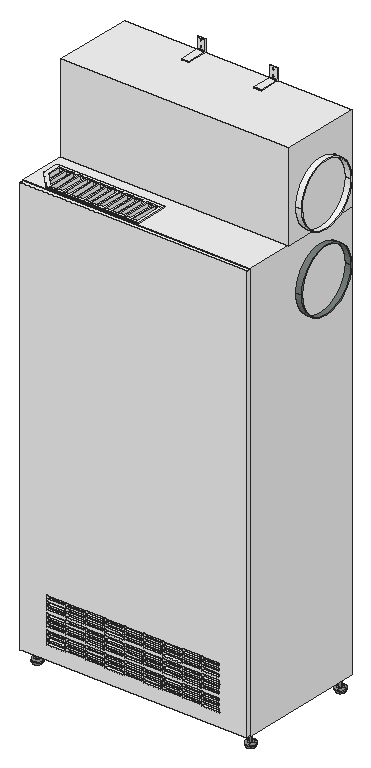
Revit family "AM 950 F SSR", category Mechanical Equipment, Revit 2019 (continued)
Forms (mm)
  Extrusion 41, void
    sketch origin (0, 0, 2164.5) x (0, 1, 0) y (1, 0, 0)
      loop
        line (-477.001, -255.5) -> (-615.04, -255.5)
        arc (-615.04, -255.5) -> (-616.426, -256.074) -> (-617, -257.46) r 1.96
        line (-617, -257.46) -> (-617, -284.5)
      loop
        line (-617, -250) -> (-475, -250) -> (-475, -223.001)
        arc (-475, -223.001) -> (-475.586, -221.586) -> (-477.001, -221) r 2.001
        line (-477.001, -221) -> (-615.04, -221)
        arc (-615.04, -221) -> (-616.426, -221.574) -> (-617, -222.96) r 1.96
        line (-617, -222.96) -> (-617, -250)
      loop
        line (-617, -215.5) -> (-475, -215.5) -> (-475, -188.501)
        arc (-475, -188.501) -> (-475.586, -187.086) -> (-477.001, -186.5) r 2.001
        line (-477.001, -186.5) -> (-615.04, -186.5)
        arc (-615.04, -186.5) -> (-616.426, -187.074) -> (-617, -188.46) r 1.96
        line (-617, -188.46) -> (-617, -215.5)
      loop
        line (-617, -181) -> (-475, -181) -> (-475, -154.001)
        arc (-475, -154.001) -> (-475.586, -152.586) -> (-477.001, -152) r 2.001
        line (-477.001, -152) -> (-615.04, -152)
        arc (-615.04, -152) -> (-616.426, -152.574) -> (-617, -153.96) r 1.96
        line (-617, -153.96) -> (-617, -181)
      loop
        line (-617, -146.5) -> (-475, -146.5) -> (-475, -119.501)
        arc (-475, -119.501) -> (-475.586, -118.086) -> (-477.001, -117.5) r 2.001
        line (-477.001, -117.5) -> (-615.04, -117.5)
        arc (-615.04, -117.5) -> (-616.426, -118.074) -> (-617, -119.46) r 1.96
        line (-617, -119.46) -> (-617, -146.5)
      loop
        line (-617, -112) -> (-475, -112) -> (-475, -85.001)
        arc (-475, -85.001) -> (-475.586, -83.586) -> (-477.001, -83) r 2.001
        line (-477.001, -83) -> (-615.04, -83)
        arc (-615.04, -83) -> (-616.426, -83.574) -> (-617, -84.96) r 1.96
        line (-617, -84.96) -> (-617, -112)
      loop
        line (-617, -77.5) -> (-475, -77.5) -> (-475, -50.501)
        arc (-475, -50.501) -> (-475.586, -49.086) -> (-477.001, -48.5) r 2.001
        line (-477.001, -48.5) -> (-615.04, -48.5)
        arc (-615.04, -48.5) -> (-616.426, -49.074) -> (-617, -50.46) r 1.96
        line (-617, -50.46) -> (-617, -77.5)
      loop
        line (-617, -43) -> (-475, -43) -> (-475, -16.001)
        arc (-475, -16.001) -> (-475.586, -14.586) -> (-477.001, -14) r 2.001
        line (-477.001, -14) -> (-615.04, -14)
        arc (-615.04, -14) -> (-616.426, -14.574) -> (-617, -15.96) r 1.96
        line (-617, -15.96) -> (-617, -43)
    from -34 to 34
  Extrusion 42, solid, material "AM White"
    sketch origin (0, 0, 2164.5) x (1, 0, 0) y (0, 1, 0)
      loop
        arc (-539, -458.646) -> (-546.071, -461.575) -> (-549, -468.646) r 10
        line (-549, -468.646) -> (-549, -539.407)
        arc (-549, -539.407) -> (-548.334, -543.017) -> (-546.424, -546.151) r 10.113
        line (-546.424, -546.151) -> (-473.487, -627.668)
        arc (-473.487, -627.668) -> (-470.116, -630.129) -> (-466.035, -631) r 10
        line (-466.035, -631) -> (-11, -631)
        arc (-11, -631) -> (-3.929, -628.071) -> (-1, -621) r 10
        line (-1, -621) -> (-1, -468.646)
        arc (-1, -468.646) -> (-3.929, -461.575) -> (-11, -458.646) r 10
        line (-11, -458.646) -> (-539, -458.646)
    from 0 to 3
  Extrusion 43, solid, material "AM White", visible <- "Flashing", detail levels fine
    sketch origin (-164, -334.513, 516.098) x (0, 1, 0) y (0, 0, -1)
      loop
        arc (474.5, -2098.402) -> (472.743, -2094.159) -> (468.5, -2092.402) r 6
        line (468.5, -2092.402) -> (229.513, -2092.402) -> (229.513, -2095.402) -> (468.5, -2095.402)
        arc (468.5, -2095.402) -> (470.621, -2096.28) -> (471.5, -2098.402) r 3
        line (471.5, -2098.402) -> (471.5, -2151.402) -> (474.5, -2151.402) -> (474.5, -2098.402)
    from 0 to 38
  Extrusion 44, solid, material "AM White", visible <- "Flashing", detail levels fine
    sketch origin (202, -334.513, 516.098) x (0, 1, 0) y (0, 0, -1)
      loop
        arc (474.5, -2098.402) -> (472.743, -2094.159) -> (468.5, -2092.402) r 6
        line (468.5, -2092.402) -> (229.513, -2092.402) -> (229.513, -2095.402) -> (468.5, -2095.402)
        arc (468.5, -2095.402) -> (470.621, -2096.28) -> (471.5, -2098.402) r 3
        line (471.5, -2098.402) -> (471.5, -2151.402) -> (474.5, -2151.402) -> (474.5, -2098.402)
    from 0 to 38
  Extrusion 45, solid, material "AM White"
    sketch origin (575, 0, 44.5) x (0, -1, 0) y (0, 0, -1)
      loop
        circle (200.986, -2280.214) r 157.5
      loop
        circle (200.986, -2280.214) r 156.5
    from 0 to 34
  Extrusion 46, solid, material "AM Grey"
    sketch origin (575, 0, -345.672) x (0, -1, 0) y (0, 0, -1)
      loop
        circle (200.986, -2280.214) r 157.5
      loop
        circle (200.986, -2280.214) r 156.5
    from 0 to 34
  Extrusion 47, solid, material "AM Grey"
    sketch origin (575, 0, 44.5) x (0, -1, 0) y (0, 0, -1)
      loop
        circle (200.986, -2280.214) r 157.5
      loop
        circle (200.986, -2280.214) r 156.5
    from 0 to 34
  Extrusion 48, void
    sketch origin (-575, -150.769, 2593.215) x (0, 0, -1) y (0, 1, 0)
      loop
        line (30.618, 228.416) -> (50.618, 228.416) -> (50.618, 298.416) -> (7.284, 298.416) -> (30.618, 228.416)
    from 1043.465 to 1490
  Extrusion 49, solid, material "AM White", visible <- "Flashing"
    sketch origin (-528.607, 0, 30) x (1, 0, 0) y (0, 0, -1)
      loop
        line (1103.607, -2578.5) -> (1103.607, -2532.38) -> (1091.603, -2532.38) -> (1091.603, -2553.381) -> (-33.399, -2553.381) -> (-33.399, -14.5) -> (-46.393, -14.5) -> (-46.393, -2578.5) -> (1103.607, -2578.5)
    from 0 to 140
Cuts and joins
  Extrusion 22 cuts Extrusion 19
  Extrusion 37 cuts Extrusion 20
  Extrusion 38 cuts Extrusion 21
  Extrusion 41 cuts Extrusion 18
  Extrusion 41 cuts Extrusion 42
  Extrusion 38 cuts Extrusion 44
  Extrusion 37 cuts Extrusion 43
  Extrusion 48 cuts Extrusion 49
Dimensions and locks
  "Total Depth": plane 4 "Center L/S" to plane 1 "Center (Front/Back)"
  equal spacing: plane 5 "Center L/T", plane 3 "Center (Left/Right)", plane 6 "Center L/U"
  "Total Width": plane 5 "Center L/T" to plane 6 "Center L/U"
  "Total Hight": plane 7 "TOP" to level
  Extrusion 22 sketch curve to Extrusion 19 = 70 mm
  Extrusion 22 sketch curve to Extrusion 22 sketch curve = 19 mm
  Extrusion 22 sketch curve to Extrusion 22 sketch curve = 93 mm
  Extrusion 19 to Extrusion 22 sketch curve = 136 mm
  Extrusion 39 to cut or joined group of Extrusion 18, Extrusion 41 to cut or joined group of Extrusion 18, Extrusion 41 to level = 444 mm, 2120 mm, 74.5 mm
  aligned and locked: level to plane 2
Automatic sketch dimensions
  Extrusion 1 sketch curve to Extrusion 1 sketch curve = 0 mm  (x2)
  plane 5 "Center L/T" to Extrusion 1 sketch curve = 200 mm
  plane 1 "Center (Front/Back)" to Extrusion 1 sketch curve = 200 mm
  Extrusion 2 sketch curve to Extrusion 2 sketch curve = 0 mm  (x2)
  Extrusion 2 sketch curve to plane 6 "Center L/U" = 200 mm
  plane 1 "Center (Front/Back)" to Extrusion 2 sketch curve = 200 mm
  Blend 3 sketch curve to plane 4 "Center L/S" = 46.131 mm  (x2)
  Blend 3 sketch curve to Blend 3 sketch curve = 136 mm  (x2)
  plane 5 "Center L/T" to Blend 3 sketch curve = 209.267 mm
  Blend 3 sketch curve to Blend 3 sketch curve = 42.334 mm  (x4)
  Blend 3 sketch curve to Blend 3 sketch curve = 26.666 mm  (x2)
  plane 5 "Center L/T" to Blend 3 sketch curve = 239.267 mm
  Blend 4 sketch curve to plane 4 "Center L/S" = 46.131 mm  (x2)
  Blend 4 sketch curve to Blend 4 sketch curve = 136 mm  (x2)
  plane 5 "Center L/T" to Blend 4 sketch curve = 258.517 mm
  Blend 4 sketch curve to Blend 4 sketch curve = 42.334 mm  (x4)
  Blend 4 sketch curve to Blend 4 sketch curve = 26.666 mm  (x2)
  Blend 4 sketch curve to plane 3 "Center (Left/Right)" = 286.483 mm
  Blend 5 sketch curve to plane 4 "Center L/S" = 46.131 mm  (x2)
  Blend 5 sketch curve to Blend 5 sketch curve = 136 mm  (x2)
  Blend 5 sketch curve to plane 3 "Center (Left/Right)" = 267.233 mm
  Blend 5 sketch curve to Blend 5 sketch curve = 42.334 mm  (x4)
  Blend 5 sketch curve to Blend 5 sketch curve = 26.666 mm  (x2)
  Blend 5 sketch curve to plane 3 "Center (Left/Right)" = 237.233 mm
  Blend 6 sketch curve to plane 4 "Center L/S" = 46.131 mm  (x2)
  Blend 6 sketch curve to Blend 6 sketch curve = 136 mm  (x2)
  Blend 6 sketch curve to plane 3 "Center (Left/Right)" = 217.983 mm
  Blend 6 sketch curve to Blend 6 sketch curve = 42.334 mm  (x4)
  Blend 6 sketch curve to Blend 6 sketch curve = 26.666 mm  (x2)
  Blend 6 sketch curve to plane 3 "Center (Left/Right)" = 187.983 mm
  Blend 7 sketch curve to plane 4 "Center L/S" = 46.131 mm  (x2)
  Blend 7 sketch curve to Blend 7 sketch curve = 136 mm  (x2)
  Blend 7 sketch curve to plane 3 "Center (Left/Right)" = 168.733 mm
  Blend 7 sketch curve to Blend 7 sketch curve = 42.334 mm  (x4)
  Blend 7 sketch curve to Blend 7 sketch curve = 26.666 mm  (x2)
  Blend 7 sketch curve to plane 3 "Center (Left/Right)" = 138.733 mm
  Blend 8 sketch curve to plane 4 "Center L/S" = 46.131 mm  (x2)
  Blend 8 sketch curve to Blend 8 sketch curve = 136 mm  (x2)
  Blend 8 sketch curve to plane 3 "Center (Left/Right)" = 119.483 mm
  Blend 8 sketch curve to Blend 8 sketch curve = 42.334 mm  (x4)
  Blend 8 sketch curve to Blend 8 sketch curve = 26.666 mm  (x2)
  Blend 8 sketch curve to plane 3 "Center (Left/Right)" = 89.483 mm
  Blend 9 sketch curve to plane 4 "Center L/S" = 46.131 mm  (x2)
  Blend 9 sketch curve to Blend 9 sketch curve = 136 mm  (x2)
  Blend 9 sketch curve to plane 3 "Center (Left/Right)" = 70.233 mm
  Blend 9 sketch curve to Blend 9 sketch curve = 42.334 mm  (x4)
  Blend 9 sketch curve to Blend 9 sketch curve = 26.666 mm
  Blend 9 sketch curve to plane 3 "Center (Left/Right)" = 40.233 mm
  Blend 9 sketch curve to plane 3 "Center (Left/Right)" = 109.233 mm
  Blend 10 sketch curve to plane 4 "Center L/S" = 182.131 mm  (x2)
  Blend 10 sketch curve to plane 4 "Center L/S" = 46.131 mm  (x2)
  Blend 10 sketch curve to plane 6 "Center L/U" = 210.267 mm
  Blend 10 sketch curve to Blend 10 sketch curve = 42.334 mm  (x4)
  Blend 10 sketch curve to Blend 10 sketch curve = 26.666 mm  (x2)
  Blend 10 sketch curve to plane 6 "Center L/U" = 240.267 mm
  Blend 11 sketch curve to plane 4 "Center L/S" = 182.131 mm  (x2)
  Blend 11 sketch curve to plane 4 "Center L/S" = 46.131 mm  (x2)
  Blend 11 sketch curve to plane 6 "Center L/U" = 259.517 mm
  Blend 11 sketch curve to Blend 11 sketch curve = 42.334 mm  (x4)
  Blend 11 sketch curve to Blend 11 sketch curve = 26.666 mm  (x2)
  plane 3 "Center (Left/Right)" to Blend 11 sketch curve = 285.483 mm
  Blend 12 sketch curve to plane 4 "Center L/S" = 182.131 mm  (x2)
  Blend 12 sketch curve to plane 4 "Center L/S" = 46.131 mm  (x2)
  plane 3 "Center (Left/Right)" to Blend 12 sketch curve = 266.233 mm
  Blend 12 sketch curve to Blend 12 sketch curve = 42.334 mm  (x4)
  Blend 12 sketch curve to Blend 12 sketch curve = 26.666 mm  (x2)
  plane 3 "Center (Left/Right)" to Blend 12 sketch curve = 236.233 mm
  Blend 13 sketch curve to plane 4 "Center L/S" = 182.131 mm  (x2)
  Blend 13 sketch curve to plane 4 "Center L/S" = 46.131 mm  (x2)
  plane 3 "Center (Left/Right)" to Blend 13 sketch curve = 216.983 mm
  Blend 13 sketch curve to Blend 13 sketch curve = 42.334 mm  (x4)
  Blend 13 sketch curve to Blend 13 sketch curve = 26.666 mm  (x2)
  plane 3 "Center (Left/Right)" to Blend 13 sketch curve = 186.983 mm
  Blend 14 sketch curve to plane 4 "Center L/S" = 182.131 mm  (x2)
  Blend 14 sketch curve to plane 4 "Center L/S" = 46.131 mm  (x2)
  plane 3 "Center (Left/Right)" to Blend 14 sketch curve = 167.733 mm
  Blend 14 sketch curve to Blend 14 sketch curve = 42.334 mm  (x4)
  Blend 14 sketch curve to Blend 14 sketch curve = 26.666 mm  (x2)
  plane 3 "Center (Left/Right)" to Blend 14 sketch curve = 137.733 mm
  Blend 15 sketch curve to plane 4 "Center L/S" = 182.131 mm  (x2)
  Blend 15 sketch curve to plane 4 "Center L/S" = 46.131 mm  (x2)
  plane 3 "Center (Left/Right)" to Blend 15 sketch curve = 118.483 mm
  Blend 15 sketch curve to Blend 15 sketch curve = 42.334 mm  (x4)
  Blend 15 sketch curve to Blend 15 sketch curve = 26.666 mm  (x2)
  plane 3 "Center (Left/Right)" to Blend 15 sketch curve = 88.483 mm
  Blend 16 sketch curve to plane 4 "Center L/S" = 182.131 mm  (x2)
  Blend 16 sketch curve to plane 4 "Center L/S" = 46.131 mm  (x2)
  plane 3 "Center (Left/Right)" to Blend 16 sketch curve = 69.233 mm
  Blend 16 sketch curve to Blend 16 sketch curve = 42.334 mm  (x4)
  plane 3 "Center (Left/Right)" to Blend 16 sketch curve = 138.233 mm
  plane 3 "Center (Left/Right)" to Blend 16 sketch curve = 39.233 mm
  plane 3 "Center (Left/Right)" to Blend 16 sketch curve = 108.233 mm
  plane 5 "Center L/T" to Extrusion 17 sketch curve = 49.91 mm
  Extrusion 17 sketch curve to Extrusion 17 sketch curve = 8.507 mm
  Extrusion 17 sketch curve to Extrusion 17 sketch curve = 11.546 mm  (x2)
  Extrusion 17 sketch curve to Extrusion 17 sketch curve = 20.052 mm  (x2)
  plane 7 "TOP" to Extrusion 17 sketch curve = 85.14 mm
  Extrusion 17 sketch curve to Extrusion 17 sketch curve = 1.754 mm
  Extrusion 17 sketch curve to Extrusion 17 sketch curve = 16.489 mm  (x2)
  Extrusion 17 sketch curve to Extrusion 17 sketch curve = 18.243 mm  (x2)
  Extrusion 18 sketch curve to plane 5 "Center L/T" = 0 mm
  Extrusion 18 sketch curve to plane 6 "Center L/U" = 0 mm
  plane 1 "Center (Front/Back)" to Extrusion 18 sketch curve = 0 mm
  Extrusion 18 sketch curve to plane 4 "Center L/S" = 20 mm
  plane 5 "Center L/T" to Extrusion 19 sketch curve = 0 mm
  plane 6 "Center L/U" to Extrusion 19 sketch curve = 0 mm
  plane 5 "Center L/T" to Extrusion 19 sketch curve = 2.5 mm  (x2)
  Extrusion 19 sketch curve to plane 6 "Center L/U" = 2.5 mm  (x2)
  plane 7 "TOP" to Extrusion 19 sketch curve = 74.5 mm
  level to Extrusion 19 sketch curve = 77 mm
  Extrusion 20 sketch curve to Extrusion 20 sketch curve = 0 mm  (x2)
  Extrusion 20 sketch curve to plane 1 "Center (Front/Back)" = 0 mm
  Extrusion 20 sketch curve to Extrusion 20 sketch curve = 3 mm  (x2)
  Extrusion 20 sketch curve to Extrusion 20 sketch curve = 99 mm
  plane 7 "TOP" to Extrusion 20 sketch curve = 577.5 mm
  Extrusion 20 sketch curve to Extrusion 20 sketch curve = 53 mm
  Extrusion 21 sketch curve to Extrusion 21 sketch curve = 0 mm  (x2)
  Extrusion 21 sketch curve to plane 1 "Center (Front/Back)" = 0 mm
  Extrusion 21 sketch curve to Extrusion 21 sketch curve = 3 mm  (x2)
  Extrusion 21 sketch curve to Extrusion 21 sketch curve = 99 mm
  plane 7 "TOP" to Extrusion 21 sketch curve = 577.5 mm
  Extrusion 21 sketch curve to Extrusion 21 sketch curve = 53 mm
  Extrusion 22 sketch curve to Extrusion 22 sketch curve = 0 mm  (x193)
  Extrusion 22 sketch curve to Extrusion 22 sketch curve = 0.984 mm  (x257)
  Extrusion 22 sketch curve to Extrusion 22 sketch curve = 5 mm  (x126)
  Extrusion 22 sketch curve to Extrusion 22 sketch curve = 91.033 mm  (x9)
  Extrusion 19 to Extrusion 22 sketch curve = 94 mm  (x4)
  Extrusion 22 sketch curve to Extrusion 22 sketch curve = 17.033 mm  (x45)
  Extrusion 22 sketch curve to Extrusion 22 sketch curve = 12 mm  (x10)
  plane 5 "Center L/T" to Blend 23 sketch curve = 35.042 mm  (x2)
  plane 1 "Center (Front/Back)" to Blend 23 sketch curve = 26 mm  (x2)
  plane 5 "Center L/T" to Revolve 24 sketch curve = 10.042 mm
  Revolve 24 sketch curve to Revolve 24 sketch curve = 6 mm  (x2)
  Revolve 24 sketch curve to Revolve 24 sketch curve = 19 mm
  level to Revolve 24 sketch curve = 9 mm
  Revolve 24 sketch curve to Revolve 24 sketch curve = 0 mm  (x3)
  plane 5 "Center L/T" to Extrusion 25 sketch curve = 35.042 mm
  plane 1 "Center (Front/Back)" to Extrusion 25 sketch curve = 26 mm
  Blend 26 sketch curve to plane 6 "Center L/U" = 35 mm  (x2)
  plane 1 "Center (Front/Back)" to Blend 26 sketch curve = 26 mm  (x2)
  level to Revolve 27 sketch curve = 9 mm
  Revolve 27 sketch curve to plane 6 "Center L/U" = 60 mm
  Revolve 27 sketch curve to Revolve 27 sketch curve = 6 mm  (x2)
  Revolve 27 sketch curve to Revolve 27 sketch curve = 19 mm
  Revolve 27 sketch curve to Revolve 27 sketch curve = 0 mm  (x3)
  Extrusion 28 sketch curve to plane 6 "Center L/U" = 35 mm
  plane 1 "Center (Front/Back)" to Extrusion 28 sketch curve = 26 mm
  plane 5 "Center L/T" to Blend 29 sketch curve = 35.042 mm  (x2)
  Blend 29 sketch curve to plane 4 "Center L/S" = 67 mm  (x2)
  plane 5 "Center L/T" to Revolve 30 sketch curve = 10.042 mm
  Revolve 30 sketch curve to Revolve 30 sketch curve = 6 mm  (x2)
  Revolve 30 sketch curve to Revolve 30 sketch curve = 19 mm
  level to Revolve 30 sketch curve = 9 mm
  Revolve 30 sketch curve to Revolve 30 sketch curve = 0 mm  (x3)
  plane 5 "Center L/T" to Extrusion 31 sketch curve = 35.042 mm
  Extrusion 31 sketch curve to plane 4 "Center L/S" = 67 mm
  Blend 32 sketch curve to plane 6 "Center L/U" = 35 mm  (x2)
  Blend 32 sketch curve to plane 4 "Center L/S" = 67 mm  (x2)
  level to Revolve 33 sketch curve = 9 mm
  Revolve 33 sketch curve to plane 6 "Center L/U" = 60 mm
  Revolve 33 sketch curve to Revolve 33 sketch curve = 6 mm  (x2)
  Revolve 33 sketch curve to Revolve 33 sketch curve = 19 mm
  Revolve 33 sketch curve to Revolve 33 sketch curve = 0 mm  (x3)
  Extrusion 34 sketch curve to plane 6 "Center L/U" = 35 mm
  Extrusion 34 sketch curve to plane 4 "Center L/S" = 67 mm
  Extrusion 35 sketch curve to Extrusion 35 sketch curve = 0 mm  (x2)
  Extrusion 35 sketch curve to Extrusion 18 = 200 mm  (x2)
  Extrusion 36 sketch curve to Extrusion 36 sketch curve = 0 mm  (x2)
  Extrusion 36 sketch curve to Extrusion 18 = 200 mm  (x2)
  Extrusion 37 sketch curve to Extrusion 20 = 11 mm
  Extrusion 20 to Extrusion 37 sketch curve = 10 mm
  Extrusion 37 sketch curve to Extrusion 20 = 19 mm  (x2)
  Extrusion 38 sketch curve to Extrusion 20 = 11 mm
  Extrusion 20 to Extrusion 38 sketch curve = 10 mm
  Extrusion 20 to Extrusion 38 sketch curve = 347 mm
  Extrusion 38 sketch curve to Extrusion 38 sketch curve = 0 mm
  Extrusion 18 to Extrusion 39 sketch curve = 0 mm
  Extrusion 39 sketch curve to Extrusion 18 = 0.013 mm
  Extrusion 18 to Extrusion 39 sketch curve = 241.013 mm
  Extrusion 39 sketch curve to Extrusion 18 = 444 mm
  Extrusion 40 sketch curve to Extrusion 18 = 49.91 mm
  Extrusion 40 sketch curve to Extrusion 40 sketch curve = 8.507 mm
  Extrusion 40 sketch curve to Extrusion 40 sketch curve = 11.546 mm  (x2)
  Extrusion 40 sketch curve to Extrusion 40 sketch curve = 20.052 mm  (x2)
  Extrusion 40 sketch curve to Extrusion 18 = 85.14 mm
  Extrusion 40 sketch curve to Extrusion 40 sketch curve = 1.754 mm
  Extrusion 40 sketch curve to Extrusion 40 sketch curve = 16.489 mm  (x2)
  Extrusion 40 sketch curve to Extrusion 40 sketch curve = 18.243 mm  (x2)
  Extrusion 41 sketch curve to Extrusion 18 = 24 mm  (x3)
  Extrusion 41 sketch curve to Extrusion 41 sketch curve = 0 mm  (x19)
  Extrusion 41 sketch curve to Extrusion 41 sketch curve = 1.96 mm  (x12)
  Extrusion 41 sketch curve to Extrusion 41 sketch curve = 2.031 mm
  Extrusion 41 sketch curve to Extrusion 41 sketch curve = 8.974 mm
  Extrusion 41 sketch curve to Extrusion 41 sketch curve = 1.349 mm
  Extrusion 41 sketch curve to Extrusion 41 sketch curve = 27.9 mm
  Extrusion 41 sketch curve to Extrusion 41 sketch curve = 1.328 mm
  Extrusion 41 sketch curve to Extrusion 41 sketch curve = 9.222 mm
  Extrusion 41 sketch curve to Extrusion 41 sketch curve = 1.311 mm
  Extrusion 41 sketch curve to Extrusion 18 = 49.503 mm
  Extrusion 41 sketch curve to Extrusion 41 sketch curve = 28.013 mm
  Extrusion 41 sketch curve to Extrusion 41 sketch curve = 1.317 mm
  Extrusion 41 sketch curve to Extrusion 41 sketch curve = 91.258 mm
  Extrusion 41 sketch curve to Extrusion 41 sketch curve = 0.006 mm  (x2)
  Extrusion 41 sketch curve to Extrusion 41 sketch curve = 138.04 mm
  Extrusion 41 sketch curve to Extrusion 41 sketch curve = 0.007 mm
  Extrusion 41 sketch curve to Extrusion 41 sketch curve = 0.053 mm
  Extrusion 41 sketch curve to Extrusion 41 sketch curve = 1.953 mm  (x2)
  Extrusion 41 sketch curve to Extrusion 41 sketch curve = 2.006 mm
  Extrusion 41 sketch curve to Extrusion 41 sketch curve = 2.001 mm  (x11)
  Extrusion 41 sketch curve to Extrusion 41 sketch curve = 1.999 mm
  Extrusion 41 sketch curve to Extrusion 41 sketch curve = 1.472 mm
  Extrusion 41 sketch curve to Extrusion 41 sketch curve = 25.065 mm
  Extrusion 41 sketch curve to Extrusion 41 sketch curve = 27.001 mm
  Extrusion 41 sketch curve to Extrusion 41 sketch curve = 5.5 mm  (x14)
  Extrusion 41 sketch curve to Extrusion 41 sketch curve = 0.507 mm
  Extrusion 41 sketch curve to Extrusion 41 sketch curve = 24.963 mm
  Extrusion 41 sketch curve to Extrusion 41 sketch curve = 1.507 mm
  Extrusion 41 sketch curve to Extrusion 41 sketch curve = 26.969 mm
  Extrusion 41 sketch curve to Extrusion 41 sketch curve = 26.999 mm  (x12)
  Extrusion 42 sketch curve to Extrusion 18 = 26 mm
  Extrusion 42 sketch curve to Extrusion 42 sketch curve = 2.576 mm
  Extrusion 42 sketch curve to Extrusion 42 sketch curve = 10 mm  (x2)
  Extrusion 42 sketch curve to Extrusion 42 sketch curve = 10.113 mm
  Extrusion 42 sketch curve to Extrusion 18 = 13.332 mm
  Extrusion 42 sketch curve to Extrusion 18 = 101.513 mm
  Extrusion 42 sketch curve to Extrusion 42 sketch curve = 7.452 mm
  Extrusion 42 sketch curve to Extrusion 18 = 10 mm
  Extrusion 42 sketch curve to Extrusion 42 sketch curve = 455.035 mm
  Extrusion 42 sketch curve to Extrusion 42 sketch curve = 0 mm
  Extrusion 42 sketch curve to Extrusion 18 = 94.849 mm
  Extrusion 42 sketch curve to Extrusion 42 sketch curve = 152.354 mm
  Extrusion 43 sketch curve to Extrusion 43 sketch curve = 0 mm  (x2)
  plane 1 "Center (Front/Back)" to Extrusion 43 sketch curve = 105 mm
  Extrusion 43 sketch curve to plane 1 "Center (Front/Back)" = 133.987 mm
  Extrusion 43 sketch curve to Extrusion 43 sketch curve = 3 mm  (x2)
  plane 7 "TOP" to Extrusion 43 sketch curve = 577.5 mm
  Extrusion 43 sketch curve to Extrusion 43 sketch curve = 53 mm
  Extrusion 44 sketch curve to Extrusion 44 sketch curve = 0 mm  (x2)
  plane 1 "Center (Front/Back)" to Extrusion 44 sketch curve = 105 mm
  Extrusion 44 sketch curve to plane 1 "Center (Front/Back)" = 133.987 mm
  Extrusion 44 sketch curve to Extrusion 44 sketch curve = 3 mm  (x2)
  plane 7 "TOP" to Extrusion 44 sketch curve = 577.5 mm
  Extrusion 44 sketch curve to Extrusion 44 sketch curve = 53 mm
  Extrusion 45 sketch curve to Extrusion 45 sketch curve = 0 mm  (x2)
  plane 1 "Center (Front/Back)" to Extrusion 45 sketch curve = 200.986 mm
  plane 7 "TOP" to Extrusion 45 sketch curve = 234.714 mm
  Extrusion 46 sketch curve to Extrusion 46 sketch curve = 0 mm  (x2)
  plane 1 "Center (Front/Back)" to Extrusion 46 sketch curve = 200.986 mm
  Extrusion 46 sketch curve to plane 7 "TOP" = 155.458 mm
  Extrusion 47 sketch curve to Extrusion 47 sketch curve = 0 mm  (x2)
  plane 1 "Center (Front/Back)" to Extrusion 47 sketch curve = 200.986 mm
  plane 7 "TOP" to Extrusion 47 sketch curve = 234.714 mm
  Extrusion 48 sketch curve to plane 1 "Center (Front/Back)" = 147.646 mm
  plane 7 "TOP" to Extrusion 48 sketch curve = 495.93 mm
  Extrusion 48 sketch curve to plane 1 "Center (Front/Back)" = 77.646 mm
  Extrusion 48 sketch curve to Extrusion 48 sketch curve = 23.333 mm
  Extrusion 48 sketch curve to Extrusion 48 sketch curve = 43.333 mm
  plane 5 "Center L/T" to Extrusion 49 sketch curve = 0 mm
  plane 5 "Center L/T" to Extrusion 49 sketch curve = 12.994 mm
  Extrusion 49 sketch curve to plane 6 "Center L/U" = 12.004 mm
  plane 6 "Center L/U" to Extrusion 49 sketch curve = 0 mm
  plane 7 "TOP" to Extrusion 49 sketch curve = 518.5 mm
  Extrusion 49 sketch curve to Extrusion 49 sketch curve = 25.119 mm
  Extrusion 49 sketch curve to Extrusion 49 sketch curve = 21.002 mm
  level to Extrusion 49 sketch curve = 74.5 mm
  radius of Extrusion 1 sketch curve = 157.5 mm
  radius of Extrusion 1 sketch curve = 154.5 mm
  radius of Extrusion 2 sketch curve = 157.5 mm
  radius of Extrusion 2 sketch curve = 154.5 mm
  radius of Blend 23 sketch curve = 21 mm
  radius of Blend 23 sketch curve = 25 mm
  radius of Extrusion 25 sketch curve = 5 mm
  radius of Blend 26 sketch curve = 21 mm
  radius of Blend 26 sketch curve = 25 mm
  radius of Extrusion 28 sketch curve = 5 mm
  radius of Blend 29 sketch curve = 21 mm
  radius of Blend 29 sketch curve = 25 mm
  radius of Extrusion 31 sketch curve = 5 mm
  radius of Blend 32 sketch curve = 21 mm
  radius of Blend 32 sketch curve = 25 mm
  radius of Extrusion 34 sketch curve = 5 mm
  radius of Extrusion 35 sketch curve = 157.5 mm
  radius of Extrusion 35 sketch curve = 154.5 mm
  radius of Extrusion 36 sketch curve = 157.5 mm
  radius of Extrusion 36 sketch curve = 154.5 mm
  radius of Extrusion 37 sketch curve = 4 mm  (x2)
  radius of Extrusion 38 sketch curve = 4 mm  (x2)
  radius of Extrusion 45 sketch curve = 157.5 mm
  radius of Extrusion 45 sketch curve = 156.5 mm
  radius of Extrusion 46 sketch curve = 157.5 mm
  radius of Extrusion 46 sketch curve = 156.5 mm
  radius of Extrusion 47 sketch curve = 157.5 mm
  radius of Extrusion 47 sketch curve = 156.5 mm
Nested families
  nested 1: "Model Label 2019" at (17.5, -257.425, 0), Label <- "Model", type "Model Label 2019"
    with Label "AM 950 F SSR"
  nested 2: "indblæssymbol" at (-1198.5, -557.869, 2131) x (0, 0, 1) z (-1, 0, 0), type "indblæssymbol"
    with dX_ 609 mm, dX 609 mm, ang2D 0.00°
  nested 3: "Pil Indtag" at (-1198.5, -1195, 290) x (0, 1, 0) z (-1, 0, 0), type "Pil Indtag"
    with dX_ 609 mm, dX 609 mm, ang2D 0.00°
  nested 4: "Pil Indtag" at (0, -1159.552, -30) x (0, 1, 0) z (0, 0, 1), type "Pil Indtag"
    with dX_ 609 mm, dX 609 mm, ang2D 0.00°
  nested 5: "indblæssymbol" at (0, -661, 2417.5) x (0, 0, 1) z (0, -1, 0), type "indblæssymbol"
    with dX_ 609 mm, dX 609 mm, ang2D 0.00°
Connectors
  electrical at (-505.038, 0, 2156.897)
    settings: on Extrusion 17, index 3, voltage 0 V, apparent load 0 VA, apparent load phase1 0 VA, apparent load phase2 0 VA, apparent load phase3 0 VA, power factor 1, load classification "Other", number of poles 1, system type 14, power factor state 1, is connector primary yes, connector utility no, sub classification motor no, connector description ""
  electrical at (-505.038, 0, 2231.397)
    settings: on Extrusion 40, index 6, voltage 0 V, apparent load 0 VA, apparent load phase1 0 VA, apparent load phase2 0 VA, apparent load phase3 0 VA, power factor 1, load classification "Other", number of poles 1, system type 14, power factor state 1, is connector primary no, connector utility no, sub classification motor no, connector description ""
  hvac at (575, -200.986, 2324.714)
    settings: on Extrusion 45, index 9, duct flow 0.0 L/s, flow factor 0, pres drop 0.0 Pa, loss coef 0, conn angle 0.00°, conn width 304.8 mm, conn height 304.8 mm, conn diameter 315 mm, duct sys type 3, conn prof type 0, flow config 0, flow direction 2, loss method 0, conn ref index -1, conn util no, is conn primary yes, conn desc ""
  hvac at (575, -200.986, 1934.542)
    settings: on Extrusion 46, index 10, duct flow 0.0 L/s, flow factor 0, pres drop 0.0 Pa, loss coef 0, conn angle 0.00°, conn width 304.8 mm, conn height 304.8 mm, conn diameter 315 mm, duct sys type 1, conn prof type 0, flow config 0, flow direction 1, loss method 0, conn ref index -1, conn util no, is conn primary no, conn desc ""
Definition of nested family "Model Label 2019"
  Parameters (values of type "Model Label 2019")
    Label [instance] = ""
  Reference planes
    plane 1: y = 0
    plane 2: x = 0
  Text (mm)
    label "Label" at (-0.131, 0.049, 0), shows "Label"
Definition of nested family "indblæssymbol"
  Parameters (values of type "indblæssymbol")
    dX_ [instance] = if(dX = 0 mm, 1 mm, dX)  # 609 mm
    dX [instance] = 609 mm
    ang2D [instance] = 0.00°
    Type Comments = "DO NOT CHANGE dX value from 608 mm ( 2 ft )"
    Afstand pil = 50 mm
  Reference planes
    plane 1 "Center (Front/Back)": y = 0
    plane 2: z = 0
    plane 3 "Center (Left/Right)": x = 0
  Lines and regions (mm)
    Filled region 1, type "Concrete", in view "Ref. Level"
      outline origin (50.005, 0, 0) x (1, 0, 0) y (0, 1, 0)
        loop
          line (399.995, 0.414) -> (301.442, 17.365) -> (301.588, -17.365) -> (399.995, 0.414)
    reference lines, in view "Ref. Level"
      curve 1: line (50, 134.129, 0) -> (50, -145.871, 0)
    detail lines, in view "Ref. Level"
      curve 2: line (351.52, 0, 0) -> (50, 0, 0)
  Dimensions and locks
    "Afstand pil": plane 3 "Center (Left/Right)" to curve 1
    curve 1 to Filled region 1 = 400 mm
  Automatic sketch dimensions
    Filled region 1 sketch curve to plane 1 "Center (Front/Back)" = 0.414 mm
    plane 3 "Center (Left/Right)" to Filled region 1 sketch curve = 450 mm
    plane 1 "Center (Front/Back)" to Filled region 1 sketch curve = 17.365 mm
    Filled region 1 sketch curve to Filled region 1 sketch curve = 98.407 mm
    Filled region 1 sketch curve to plane 1 "Center (Front/Back)" = 17.365 mm
    Filled region 1 sketch curve to Filled region 1 sketch curve = 0.146 mm
    plane 1 "Center (Front/Back)" to curve 2 = 0 mm
    plane 3 "Center (Left/Right)" to curve 2 = 50 mm
    curve 2 to curve 2 = 301.52 mm
    plane 1 "Center (Front/Back)" to curve 1 = 145.871 mm
    curve 1 to plane 1 "Center (Front/Back)" = 134.129 mm
Definition of nested family "Pil Indtag"
  Parameters (values of type "Pil Indtag")
    dX_ [instance] = if(dX = 0 mm, 1 mm, dX)  # 609 mm
    dX [instance] = 609 mm
    ang2D [instance] = 0.00°
    Type Comments = "DO NOT CHANGE dX value from 608 mm ( 2 ft )"
    Afstand pil = 50 mm
  Reference planes
    plane 1 "Center (Front/Back)": y = 0
    plane 2: z = 0
    plane 3 "Center (Left/Right)": x = 0
    plane 4: x = 500
  Lines and regions (mm)
    Filled region 1, type "Concrete", in view "Ref. Level"
      outline origin (0, 0, 0) x (1, 0, 0) y (0, 1, 0)
        loop
          line (499.552, 0) -> (401.072, 17.365) -> (401.072, -17.365) -> (499.552, 0)
    reference lines, in view "Ref. Level"
      curve 1: line (50, 134.129, 0) -> (50, -145.871, 0)
    detail lines, in view "Ref. Level", not visible
      curve 2: arc (335, 0, 0) -> (385.559, -50.321, 0) -> (434.999, 1.101, 0) r 50.01
      curve 3: arc (335, 0, 0) -> (285.666, 52.633, 0) -> (235.069, 1.212, 0) r 50.01
      curve 4: line (434.999, 1.101, 0) -> (434.999, 21.156, 0)
      curve 5: line (235.069, 1.212, 0) -> (235.069, -18.844, 0)
    detail lines, in view "Ref. Level"
      curve 6: arc (225.332, 0, 0) -> (272.332, -35.211, 0) -> (294.114, 19.326, 0) r 36.995
      curve 7: arc (225.206, 0, 0) -> (173.868, 30.307, 0) -> (156.85, -26.829, 0) r 37.835
      curve 8: line (499.552, 0, 0) -> (401.072, 17.365, 0)
      curve 9: line (401.072, 17.365, 0) -> (401.072, -17.365, 0)
      curve 10: line (401.072, -17.365, 0) -> (499.552, 0, 0)
      curve 11: line (499.552, 0, 0) -> (-15.448, 0, 0)
  Dimensions and locks
    "Afstand pil": plane 3 "Center (Left/Right)" to curve 1
    plane 3 "Center (Left/Right)" to plane 4 = 500 mm
  Automatic sketch dimensions
    plane 1 "Center (Front/Back)" to Filled region 1 sketch curve = 0 mm
    Filled region 1 sketch curve to plane 4 = 0.448 mm
    plane 1 "Center (Front/Back)" to Filled region 1 sketch curve = 17.365 mm
    Filled region 1 sketch curve to plane 4 = 98.928 mm
    Filled region 1 sketch curve to plane 1 "Center (Front/Back)" = 17.365 mm
    plane 1 "Center (Front/Back)" to curve 11 = 0 mm
    plane 1 "Center (Front/Back)" to curve 7 = 4.913 mm
    plane 3 "Center (Left/Right)" to curve 7 = 187.691 mm
    curve 6 to plane 1 "Center (Front/Back)" = 0.405 mm
    curve 7 to curve 6 = 74.634 mm
    curve 9 to plane 1 "Center (Front/Back)" = 17.365 mm
    curve 9 to plane 4 = 98.928 mm
    curve 11 to plane 4 = 0.448 mm
    plane 1 "Center (Front/Back)" to curve 10 = 17.365 mm
    curve 7 to curve 7 = 30.842 mm
    curve 11 to plane 3 "Center (Left/Right)" = 15.448 mm
    curve 7 to curve 6 = 37.119 mm
    curve 7 to curve 6 = 0.126 mm
    curve 6 to plane 1 "Center (Front/Back)" = 19.326 mm
    plane 1 "Center (Front/Back)" to curve 1 = 145.871 mm
    curve 1 to plane 1 "Center (Front/Back)" = 134.129 mm
